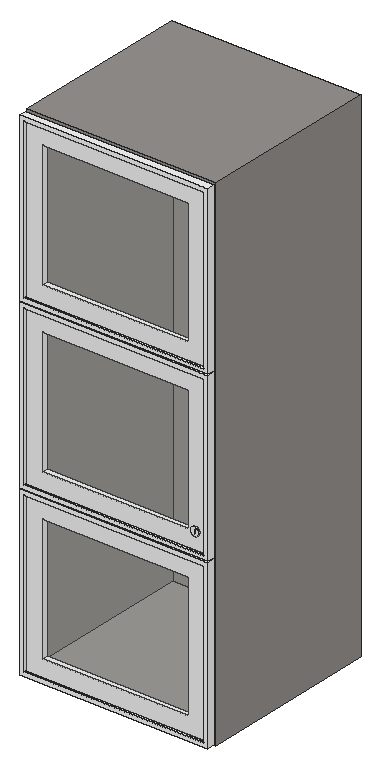
Revit family "Storage-Mounted-Teknion-BCLG_Cubic-with_Glass_Doors-Low_Secondary-R2015", category Furniture, Revit 2015
Parameters (values of type "18"d x 18"w x 66"h")
  Warranty = "http://www.teknion.com/ca/papers/legal-canada"
  Wardrobe Cut Hole Depth [instance] = if(Wardrobe, 19.348", 1.000")  # 19.348"
  Wardrobe [instance] = not(or([Semi-Opened], Individual Doors))  # yes
  Unit Weight URL = "http://www.teknion.com/ca/tools/assets#&asset=bee6a381-b954-425e-8283-5a2de3a804f2,f828d448-4b62-4231-9e5f-9a8991c0ed77"
  URL = "www.teknion.com"
  Top of Cabinet Offset [instance] = if([Semi-Opened], 0.059", 0.409")  # 0.409"
  Third Visibility [instance] = or(Individual Doors)  # no
  Sustainability Data = "http://www.teknion.com/ca/tools/assets#&topic=216f99a5-57a0-44fc-b10a-9dee9b29ae4c&asset=444deb64-fe58-4b68-981e-f75e97781df7"
  Shelf Vertical Offset [instance] = if(Height = 66.000", 15.756", 17.836")  # 15.756"
  Series = "Expansion Casegoods"  # constant formula
  Semi-Opened [instance] = not(Fully Enclosed)  # no
  Second Lock Visibility [instance] = if(and(Wardrobe, Fully Enclosed), 1 < 2, if(and(Individual Doors, Fully Enclosed), 1 < 2, 1 > 2))  # yes
  Second Drawer Visibility [instance] = if(and(Wardrobe, Fully Enclosed), 1 < 2, if(and(Individual Doors, Fully Enclosed), 1 < 2, 1 > 2))  # yes
  Second Drawer Cut Hole Depth [instance] = if([Semi-Opened], 19.348", 0.500")  # 0.500"
  Product Page URL = "http://www.teknion.com/ca/products/product-details?productlineid=0053336e-8e7a-673b-a6c8-ff00004460c4"
  Product Line = "Expansion Casegoods"  # constant formula
  Product Documentation Link = "http://www.teknion.com/pricing/expansion-casegoods/pdfs/BCLG_ppg.pdf"
  Part Number = "BCLG"  # constant formula
  Note [instance] = "When Semi-Opened configuration style is specified, the Wardrobe storage style is not available."  # constant formula
  Model = "BCLG__181866_"
  Manufacturer Phone = "416-661-3370"  # constant formula
  Manufacturer Fax = "416.661.4586"  # constant formula
  Manufacturer Contact Information = "http://www.teknion.com/ca/contactus"
  Manufacturer Address = "1150 Flint Road, Toronto, ON. M3J 2J5. Canada"  # constant formula
  Manufacturer = "Teknion"  # constant formula
  Individual Doors Cut Hole Depth [instance] = if(Individual Doors, 19.348", 1.000")  # 1.000"
  Individual Doors [instance] = no
  Height = 66.000"
  Fully Enclosed [instance] = yes
  Frame Finish [instance] = Mica - Teknion - V - Satin - Very White
  First Lock Visibility [instance] = or(Individual Doors)  # no
  Door Finish [instance] = Back-painted Glass - K7 - Teknion - Very White
  Description = "Cubic Tower with Glass Doors – Low Secondary Desk Mounted, 18\"d x 18\"w x 66\"h"
  Case Finish [instance] = Source Laminate - Teknion - DE - Latte
  Cabinet Height Offset [instance] = if([Semi-Opened], 0.642", 0.291")  # 0.291"
  Assembly Code = "E2020200"
  Actual Height = if(Height = 66.000", 65.339", 71.579")  # 65.339"
Types (3): name | Wardrobe Cut Hole Depth | Wardrobe | Third Visibility | Shelf Vertical Offset | Model | Individual Doors Cut Hole Depth | Individual Doors | Height | First Lock Visibility | Description | Actual Height
  (no name) | 19.348" | yes | no | 15.756" | "BCLG__181866_" | 1.000" | no | 66.000" | no | "Cubic Tower with Glass Doors – Low Secondary Desk Mounted, 18\"d x 18\"w x 66\"h" | 65.339"
  18"d x 18"w x 66"h | 19.348" | yes | no | 15.756" | "BCLG__181866_" | 1.000" | no | 66.000" | no | "Cubic Tower with Glass Doors – Low Secondary Desk Mounted, 18\"d x 18\"w x 66\"h" | 65.339"
  18"d x 18"w x 72"h | 1.000" | no | yes | 17.836" | "BCLG__181872_" | 19.348" | yes | 72.000" | yes | "Cubic Tower with Glass Doors – Low Secondary Desk Mounted,18\"d x 18\"w x 72\"h" | 71.579"
Reference planes (in)
  plane 1 "Center Front/Back": y = 0
  plane 2: z = 0
  plane 3 "Center Left/Right": x = 0
  plane 4 "Left": x = -8.955
  plane 5 "Right": x = 8.955
  plane 6 "Back": y = 8.58071
  plane 7 "Front": y = -8.58071
  plane 8 "Top": z = 65.339
  plane 9: y = -8.7185
  plane 10: y = -9.41929
  plane 11: z = 49.4646
  plane 12: z = 49.34662
  plane 13: z = 33.59062
  plane 14: z = 33.47251
  plane 15: z = 17.71651
  plane 16: z = 65.22089
  plane 17: x = -8.254
  plane 18: x = 8.254
  plane 19: y = 7.87971
  plane 20: z = 17.5984
  plane 21: y = -11.4685
  plane 22: y = -9.18307
  plane 23: y = -9.30118
Forms (in)
  Extrusion 1, solid, material "Source Laminate - Teknion - DE - Latte" <- "Case Finish"
    sketch origin (0, 0, 0) x (1, 0, 0) y (0, 1, 0)
      loop
        line (-8.955, 8.58071) -> (-8.955, -8.58071) -> (8.955, -8.58071) -> (8.955, 8.58071) -> (-8.955, 8.58071)
    from 17.5984 to 65.339
  Extrusion 2, solid, material "Mica - Teknion - V - Satin - Very White" <- "Frame Finish"
    sketch origin (-8.955, -8.7185, 48) x (-1, 0, 0) y (0, 0, 1)
      loop
        line (-0.05906, 17.22089) -> (-17.85094, 17.22089) -> (-17.85094, 1.4646) -> (-0.05906, 1.4646) -> (-0.05906, 17.22089)
      loop
        line (-17.47693, 16.84643) -> (-17.47693, 1.83856) -> (-0.43307, 1.83856) -> (-0.43307, 16.84643) -> (-17.47693, 16.84643)
    from 0 to -0.70079
  Extrusion 3, solid, material "Mica - Teknion - V - Satin - Very White", visible <- "First Lock Visibility"
    sketch origin (-8.955, -9.41929, 48) x (-1, 0, 0) y (0, 0, 1)
      loop
        line (-16.62063, 3.69968) -> (-16.62063, 3.32567) -> (-16.5222, 3.32567) -> (-16.5222, 3.69968) -> (-16.62063, 3.69968)
      loop
        circle (-16.57142, 3.51268) r 0.40008
    from 0.11811 to 0.05906
  Extrusion 4, solid, material "Mica - Teknion - V - Satin - Very White", visible <- "Second Lock Visibility"
    sketch origin (-8.955, -9.41929, 32.10272) x (-1, 0, 0) y (0, 0, 1)
      loop
        line (-16.62063, 3.72298) -> (-16.62063, 3.34897) -> (-16.5222, 3.34897) -> (-16.5222, 3.72298) -> (-16.62063, 3.72298)
      loop
        circle (-16.57142, 3.53597) r 0.40008
    from 0.11811 to 0.05906
  Extrusion 5, solid, material "Mica - Teknion - V - Satin - Very White", visible <- "Third Visibility"
    sketch origin (-8.955, -9.41929, 25.88583) x (-1, 0, 0) y (0, 0, 1)
      loop
        line (-16.62063, 3.72251) -> (-16.62063, 3.34849) -> (-16.5222, 3.34849) -> (-16.5222, 3.72251) -> (-16.62063, 3.72251)
      loop
        circle (-16.57142, 3.5355) r 0.40008
    from 0.11811 to 0.05906
  Extrusion 6, solid, material "Mica - Teknion - V - Satin - Very White" <- "Frame Finish"
    sketch origin (-8.955, -9.41929, 48) x (-1, 0, 0) y (0, 0, 1)
      loop
        line (-17.47693, 16.84643) -> (-17.47693, 1.83856) -> (-0.43307, 1.83856) -> (-0.43307, 16.84643) -> (-17.47693, 16.84643)
      loop
        line (-15.88244, 15.25194) -> (-15.88244, 3.43305) -> (-2.02756, 3.43305) -> (-2.02756, 15.25194) -> (-15.88244, 15.25194)
    from 0.23622 to 0.70079
  Extrusion 7, solid, material "Back-painted Glass - K7 - Teknion - Very White" <- "Door Finish"
    sketch origin (-8.52193, -9.18307, 48) x (-1, 0, 0) y (0, 0, 1)
      loop
        line (0, 16.84643) -> (-17.04386, 16.84643) -> (-17.04386, 1.83856) -> (0, 1.83856) -> (0, 16.84643)
    from 0 to -0.11811
  Extrusion 8, solid, material "Mica - Teknion - V - Satin - Very White" <- "Frame Finish", visible <- "Second Drawer Visibility"
    sketch origin (-8.955, -8.7185, 32.12573) x (-1, 0, 0) y (0, 0, 1)
      loop
        line (-0.05906, 17.22089) -> (-17.85094, 17.22089) -> (-17.85094, 1.46489) -> (-0.05906, 1.46489) -> (-0.05906, 17.22089)
      loop
        line (-17.47693, 16.84643) -> (-17.47693, 1.83856) -> (-0.43307, 1.83856) -> (-0.43307, 16.84643) -> (-17.47693, 16.84643)
    from 0 to -0.70079
  Extrusion 9, solid, material "Mica - Teknion - V - Satin - Very White" <- "Frame Finish", visible <- "Second Drawer Visibility"
    sketch origin (-8.955, -9.41929, 32.12573) x (-1, 0, 0) y (0, 0, 1)
      loop
        line (-17.47693, 16.84643) -> (-17.47693, 1.83856) -> (-0.43307, 1.83856) -> (-0.43307, 16.84643) -> (-17.47693, 16.84643)
      loop
        line (-15.88244, 15.25194) -> (-15.88244, 3.43305) -> (-2.02756, 3.43305) -> (-2.02756, 15.25194) -> (-15.88244, 15.25194)
    from 0.23622 to 0.70079
  Extrusion 10, solid, material "Back-painted Glass - K7 - Teknion - Very White" <- "Door Finish", visible <- "Second Drawer Visibility"
    sketch origin (-8.52193, -9.18307, 32.12573) x (-1, 0, 0) y (0, 0, 1)
      loop
        line (0, 16.84643) -> (-17.04386, 16.84643) -> (-17.04386, 1.83856) -> (0, 1.83856) -> (0, 16.84643)
    from 0 to -0.11811
  Extrusion 11, solid, material "Mica - Teknion - V - Satin - Very White" <- "Frame Finish"
    sketch origin (-8.955, -8.7185, 16.25162) x (-1, 0, 0) y (0, 0, 1)
      loop
        line (-0.05906, 17.22089) -> (-17.85094, 17.22089) -> (-17.85094, 1.46489) -> (-0.05906, 1.46489) -> (-0.05906, 17.22089)
      loop
        line (-17.47693, 16.84643) -> (-17.47693, 1.83856) -> (-0.43307, 1.83856) -> (-0.43307, 16.84643) -> (-17.47693, 16.84643)
    from 0 to -0.70079
  Extrusion 12, solid, material "Mica - Teknion - V - Satin - Very White" <- "Frame Finish"
    sketch origin (-8.955, -9.41929, 16.25162) x (-1, 0, 0) y (0, 0, 1)
      loop
        line (-17.47693, 16.84643) -> (-17.47693, 1.83856) -> (-0.43307, 1.83856) -> (-0.43307, 16.84643) -> (-17.47693, 16.84643)
      loop
        line (-15.88244, 15.25194) -> (-15.88244, 3.43305) -> (-2.02756, 3.43305) -> (-2.02756, 15.25194) -> (-15.88244, 15.25194)
    from 0.23622 to 0.70079
  Extrusion 13, solid, material "Back-painted Glass - K7 - Teknion - Very White" <- "Door Finish"
    sketch origin (-8.52193, -9.18307, 16.25162) x (-1, 0, 0) y (0, 0, 1)
      loop
        line (0, 16.84643) -> (-17.04386, 16.84643) -> (-17.04386, 1.83856) -> (0, 1.83856) -> (0, 16.84643)
    from 0 to -0.11811
  Extrusion 14, void
    sketch origin (-64.19161, -8.58071, 48) x (1, 0, 0) y (0, 0, -1)
      loop
        line (55.93739, -16.63793) -> (72.44582, -16.63793) -> (72.44582, -1.7556) -> (55.93739, -1.7556) -> (55.93739, -16.63793)
    from -2.8878 to -1.8878
  Extrusion 15, void
    sketch origin (-64.19161, -8.58071, 48) x (1, 0, 0) y (0, 0, -1)
      loop
        line (55.93761, -1.0556) -> (72.44561, -1.0556) -> (72.44561, 14.11849) -> (55.93761, 14.11849) -> (55.93761, -1.0556)
    from -2.8878 to -1.8878
  Extrusion 16, void
    sketch origin (-64.19161, -8.58071, 48) x (1, 0, 0) y (0, 0, -1)
      loop
        line (55.93761, 14.81849) -> (72.44561, 14.81849) -> (72.44561, 29.70081) -> (55.93761, 29.70081) -> (55.93761, 14.81849)
    from -2.8878 to -1.8878
  Extrusion 17, void
    sketch origin (0, 0, 0) x (1, 0, 0) y (0, 1, 0)
      loop
        line (8.254, 7.8795) -> (-8.254, 7.8795) -> (-8.254, -11.4685) -> (8.254, -11.4685) -> (8.254, 7.8795)
    from 18.29919 to 64.63793
Cuts and joins
  Extrusion 14, Extrusion 15, Extrusion 16, Extrusion 17 cuts Extrusion 1
Lines and regions (in)
  Masking region 1, detail levels medium+fine
    outline origin (0, 0, 0) x (1, 0, 0) y (0, 1, 0)
      loop
        line (7.21649, -9.36024) -> (8.01649, -9.36024) -> (8.01649, -9.30118) -> (7.21649, -9.30118) -> (7.21649, -9.36024)
  Masking region 2
    outline origin (0, 0, 0) x (1, 0, 0) y (0, 1, 0)
      loop
        line (-8.955, 8.58071) -> (-8.955, -9.41929) -> (8.955, -9.41929) -> (8.955, 8.58071) -> (-8.955, 8.58071)
  symbolic lines, detail levels medium+fine
    curve 1: line (-8.955, -8.58071, 0) -> (8.955, -8.58071, 0)
  symbolic lines, style "FurnitureHiddenLines", detail levels medium+fine
    curve 2: line (-8.254, 8.58071, 0) -> (-8.254, 7.87971, 0)
    curve 3: line (8.254, 7.87971, 0) -> (-8.254, 7.87971, 0)
    curve 4: line (8.254, 8.58071, 0) -> (8.254, 7.87971, 0)
    curve 5: line (-8.254, 7.87971, 0) -> (-8.254, -8.58071, 0)
    curve 7: line (-8.52193, -9.41929, 0) -> (-8.52193, -8.7185, 0)
    curve 8: line (8.52193, -9.18307, 0) -> (-8.52193, -9.18307, 0)
    curve 9: line (-8.52193, -9.30118, 0) -> (8.52193, -9.30118, 0)
    curve 12: line (8.52193, -8.7185, 0) -> (8.52193, -9.41929, 0)
    curve 13: line (8.25421, -8.58071, 0) -> (8.25421, 7.8795, 0)
  symbolic lines
    curve 6: line (-8.955, -8.7185, 0) -> (8.955, -8.7185, 0)
  symbolic lines, style "FurnitureHiddenLines", detail levels fine
    curve 10: line (-6.92744, -9.18307, 0) -> (-6.92744, -8.7185, 0)
    curve 11: line (6.92744, -8.7185, 0) -> (6.92744, -9.18307, 0)
  symbolic lines, style "FurnitureHiddenLines", visible <- "Individual Doors"
    curve 14: line (8.52193, -8.58071, 64.84643) -> (-8.52193, -8.58071, 57.34249)
    curve 15: line (8.52193, -8.58071, 49.83856) -> (-8.52193, -8.58071, 57.34249)
    curve 18: line (8.52193, -8.58071, 33.09805) -> (-8.52193, -8.58071, 25.59411)
    curve 19: line (-8.52193, -8.58071, 25.59411) -> (8.52193, -8.58071, 18.09018)
  symbolic lines, style "FurnitureHiddenLines", visible <- "Fully Enclosed"
    curve 16: line (8.52193, -8.58071, 33.96429) -> (-8.52193, -8.58071, 41.46823)
    curve 17: line (8.52193, -8.58071, 48.97216) -> (-8.52193, -8.58071, 41.46823)
Dimensions and locks (in)
  locked: plane 4 "Left" to plane 5 "Right" at 17.91
  locked: plane 6 "Back" to plane 7 "Front" at 17.16142
  "Actual Height": plane 8 "Top" to level
  equal spacing: plane 4 "Left", plane 3 "Center Left/Right", plane 5 "Right"
  equal spacing: plane 7 "Front", plane 1 "Center Front/Back", plane 6 "Back"
  locked: plane 9 to plane 10 at 0.70079
  locked: plane 7 "Front" to plane 9 at 0.1378
  "Shelf Vertical Offset": plane 14 to plane 15
  "Shelf Vertical Offset": plane 12 to plane 13
  locked: plane 8 "Top" to plane 16 at 0.11811
  locked: plane 13 to plane 14 at 0.11811
  locked: plane 17 to plane 4 "Left" at 0.701
  locked: plane 18 to plane 5 "Right" at 0.701
  locked: plane 19 to plane 6 "Back" at 0.701
  locked: Extrusion 3 sketch curve to Extrusion 2 at 1.67412
  locked: Extrusion 3 sketch curve to plane 5 "Right" at 1.33858
  Extrusion 3 sketch curve to Extrusion 3 sketch curve to Extrusion 2 = 0.37402" locked, 1.48711" locked
  Extrusion 3 sketch curve to Extrusion 3 sketch curve to plane 5 "Right" = 0.09843" locked, 1.28937" locked
  locked: plane 10 to Extrusion 3 at 0.05906
  Extrusion 4 sketch curve to Extrusion 4 sketch curve to Extrusion 8 = 0.37402" locked, 1.4874" locked
  Extrusion 4 sketch curve to Extrusion 4 sketch curve to plane 5 "Right" = 0.09843" locked, 1.28937" locked
  Extrusion 11 to Extrusion 5 sketch curve to Extrusion 5 sketch curve = 3.48971" locked, 0.37402" locked
  Extrusion 5 sketch curve to Extrusion 5 sketch curve to plane 5 "Right" = 0.09843" locked, 1.28937" locked
  locked: Extrusion 4 sketch curve to plane 5 "Right" at 1.33858
  locked: Extrusion 5 sketch curve to plane 5 "Right" at 1.33858
  Masking region 1 sketch curve to Masking region 1 sketch curve to plane 5 "Right" = 0.800" locked, 0.93851" locked
  locked: plane 20 to plane 2 at 17.5984
  locked: plane 15 to plane 20 at 0.11811
  Extrusion 2 sketch curve to Extrusion 2 sketch curve to plane 4 "Left" = 0.37402" locked, 0.05906" locked
  Extrusion 2 sketch curve to Extrusion 2 sketch curve to plane 5 "Right" = 0.37402" locked, 0.05906" locked
  locked: plane 11 to plane 12 at 0.11798
  locked: plane 10 to plane 21 at 2.04921
  locked: Extrusion 2 sketch curve to plane 11 at 0.37395
  locked: Extrusion 6 sketch curve to Extrusion 6 sketch curve at 1.59449
  locked: Extrusion 6 sketch curve to Extrusion 2 at 1.59449  (x3)
  locked: plane 9 to plane 22 at 0.46457
  locked: plane 22 to plane 23 at 0.11811
  Extrusion 8 sketch curve to Extrusion 8 sketch curve to plane 4 "Left" = 0.37402" locked, 0.05906" locked
  locked: Extrusion 8 sketch curve to plane 5 "Right" at 0.43307
  locked: Extrusion 8 sketch curve to Extrusion 8 sketch curve at 0.37446
  locked: Extrusion 9 sketch curve to Extrusion 9 sketch curve at 1.59449
  locked: Extrusion 9 sketch curve to Extrusion 8 at 1.59449  (x3)
  Extrusion 11 sketch curve to Extrusion 11 sketch curve to plane 4 "Left" = 0.37402" locked, 0.05906" locked
  Extrusion 11 sketch curve to Extrusion 11 sketch curve to plane 5 "Right" = 0.37402" locked, 0.05906" locked
  locked: Extrusion 11 sketch curve to Extrusion 11 sketch curve at 0.37446
  locked: Extrusion 12 sketch curve to Extrusion 12 sketch curve at 1.59449
  locked: Extrusion 12 sketch curve to Extrusion 11 at 1.59449  (x3)
  locked: Extrusion 8 sketch curve to plane 13 at 0.37367
  locked: Extrusion 11 sketch curve to plane 15 at 0.37367
  "Cabinet Height Offset": Extrusion 14 sketch curve to plane 11
  locked: plane 16 to Extrusion 14 sketch curve at 0.58296
  locked: Extrusion 14 sketch curve to plane 5 "Right" at 0.70079
  locked: Extrusion 14 sketch curve to plane 4 "Left" at 0.70079
  "Cabinet Height Offset": plane 14 to Extrusion 16 sketch curve
  locked: Extrusion 16 sketch curve to plane 20 at 0.70079
  "Individual Doors Cut Hole Depth": Extrusion 14 to plane 21
  "Individual Doors Cut Hole Depth": Extrusion 15 to plane 21
  "Individual Doors Cut Hole Depth": Extrusion 16 to plane 21
  locked: plane 16 to Extrusion 17 at 0.58296
  locked: plane 5 "Right" to Extrusion 17 at 0.701
  locked: Extrusion 17 to plane 4 "Left" at 0.701
  locked: Extrusion 17 to plane 20 at 0.70079
  "Wardrobe Cut Hole Depth": Extrusion 17 to plane 21
  "Top of Cabinet Offset": Extrusion 15 sketch curve to plane 14
  "Top of Cabinet Offset": plane 11 to Extrusion 15 sketch curve
  locked: plane 23 to Extrusion 3 at 0.05906
  locked: plane 23 to Extrusion 4 at 0.05906
  locked: plane 23 to Extrusion 5 at 0.05906
  locked: Extrusion 4 sketch curve to Extrusion 8 at 1.6744
  locked: Extrusion 11 to Extrusion 5 sketch curve at 3.67672
  locked: Extrusion 8 sketch curve to Extrusion 8 sketch curve at 0.37402
  equal spacing: Extrusion 2, curve 15, Extrusion 2
  equal spacing: Extrusion 8, curve 17, Extrusion 8
  equal spacing: Extrusion 11, curve 19, Extrusion 11
  aligned and locked: level to plane 2
  aligned and locked: Extrusion 1 sketch curve to plane 4 "Left"
  aligned and locked: Extrusion 1 sketch curve to plane 6 "Back"
  aligned and locked: Extrusion 1 sketch curve to plane 5 "Right"
  aligned and locked: Extrusion 1 sketch curve to plane 7 "Front"
  aligned and locked: plane 8 "Top" to Extrusion 1
  aligned and locked: plane 11 to Extrusion 2 sketch curve
  aligned and locked: Extrusion 2 to plane 10
  aligned and locked: plane 9 to Extrusion 2
  aligned and locked: Extrusion 2 to plane 9
  aligned and locked: Masking region 2 sketch curve to plane 6 "Back"
  aligned and locked: Masking region 2 sketch curve to plane 4 "Left"
  aligned and locked: Masking region 2 sketch curve to plane 5 "Right"
  aligned and locked: Masking region 2 sketch curve to plane 10
  aligned and locked: Extrusion 1 to plane 20
  aligned and locked: curve 2 to plane 17
  aligned and locked: curve 3 to plane 19
  aligned and locked: curve 4 to plane 18
  aligned and locked: curve 1 to plane 7 "Front"
  aligned and locked: plane 9 to Extrusion 6
  aligned and locked: Extrusion 6 to plane 22
  aligned and locked: Extrusion 7 to plane 23
  aligned and locked: plane 22 to Extrusion 7
  aligned and locked: Extrusion 9 sketch curve to Extrusion 8  (x4)
  aligned and locked: Extrusion 10 sketch curve to Extrusion 8  (x4)
  aligned and locked: Extrusion 12 sketch curve to Extrusion 11  (x4)
  aligned and locked: Extrusion 13 sketch curve to Extrusion 11  (x4)
  aligned and locked: plane 12 to Extrusion 8 sketch curve
  aligned and locked: Extrusion 8 sketch curve to plane 13
  aligned and locked: plane 14 to Extrusion 11 sketch curve
  aligned and locked: Extrusion 11 sketch curve to plane 15
  aligned and locked: plane 18 to Extrusion 15 sketch curve
  aligned and locked: plane 17 to Extrusion 15 sketch curve
  aligned and locked: plane 17 to Extrusion 16 sketch curve
  aligned and locked: plane 18 to Extrusion 16 sketch curve
  aligned and locked: Extrusion 14 to plane 21
  aligned and locked: Extrusion 15 to plane 21
  aligned and locked: Extrusion 16 to plane 21
  aligned and locked: plane 21 to Extrusion 14  (x2)
  aligned and locked: Extrusion 17 sketch curve to plane 17
  aligned and locked: plane 18 to Extrusion 17 sketch curve
  aligned and locked: Extrusion 17 sketch curve to plane 21
  aligned and locked: curve 6 to plane 9
  aligned and locked: curve 8 to Extrusion 7
  aligned and locked: curve 9 to Extrusion 7
  aligned and locked: curve 10 to Extrusion 6
  aligned and locked: curve 11 to Extrusion 6
  aligned and locked: plane 23 to Extrusion 3
  aligned and locked: Masking region 1 sketch curve to plane 23
  aligned and locked: Extrusion 3 to Masking region 1 sketch curve
  aligned and locked: plane 23 to Extrusion 4
  aligned and locked: plane 23 to Extrusion 5
  aligned and locked: cut or joined group of Extrusion 1, Extrusion 14, Extrusion 15, Extrusion 16, Extrusion 17 to curve 13
  aligned and locked: Extrusion 6 sketch curve to Extrusion 2
  aligned and locked: plane 16 to Extrusion 2 sketch curve
  aligned and locked: plane 9 to Extrusion 12
  aligned and locked: plane 22 to Extrusion 13
  aligned and locked: Extrusion 12 to plane 22
  aligned and locked: plane 9 to Extrusion 9
  aligned and locked: Extrusion 9 to plane 22
  aligned and locked: Extrusion 8 to plane 10
  aligned and locked: plane 9 to Extrusion 8
  aligned and locked: plane 9 to Extrusion 11
  aligned and locked: Extrusion 11 to plane 10
  aligned and locked: Extrusion 13 to plane 23
  aligned and locked: plane 22 to Extrusion 10
  aligned and locked: Extrusion 10 to plane 23
  aligned and locked: nested 1 to plane 3 "Center Left/Right"
  aligned and locked: nested 1 to plane 10
  aligned and locked: curve 14 to Extrusion 2
  aligned and locked: Extrusion 2 to curve 14  (x2)
  aligned and locked: Extrusion 2 to curve 15
  aligned and locked: curve 15 to Extrusion 2
  aligned and locked: Extrusion 8 to curve 16
  aligned and locked: curve 16 to Extrusion 8
  aligned and locked: Extrusion 8 to curve 17  (x2)
  aligned and locked: curve 17 to Extrusion 8
  aligned and locked: curve 18 to Extrusion 11
  aligned and locked: Extrusion 11 to curve 18
  aligned and locked: Extrusion 11 to curve 19  (x2)
  aligned and locked: curve 19 to Extrusion 11
Automatic sketch dimensions
  curve 6 to plane 4 "Left" = 0.000"
  curve 1 to plane 4 "Left" = 0.000"
  curve 7 to plane 10 = 0.000"
  curve 12 to plane 10 = 0.000"
  curve 1 to plane 5 "Right" = 0.000"
  curve 6 to plane 5 "Right" = 0.000"
  curve 2 to plane 6 "Back" = 0.000"
  curve 4 to plane 6 "Back" = 0.000"
  curve 7 to plane 17 = 0.26793"
  curve 8 to plane 18 = 0.26793"
  plane 19 to curve 13 = 0.00021"
  Extrusion 2 sketch curve to plane 16 = 0.37446"
  Extrusion 6 sketch curve to plane 18 = 0.26793"
  Extrusion 6 sketch curve to plane 17 = 0.26793"
  Extrusion 6 sketch curve to plane 16 = 1.96895"
  Extrusion 7 sketch curve to plane 18 = 0.26793"
  Extrusion 7 sketch curve to plane 17 = 0.26793"
  Extrusion 7 sketch curve to plane 11 = 0.37395"
  Extrusion 7 sketch curve to plane 16 = 0.37446"
  Extrusion 17 sketch curve to Extrusion 17 sketch curve = 19.348"
  radius of Extrusion 3 sketch curve = 0.40008"
  radius of Extrusion 4 sketch curve = 0.40008"
  radius of Extrusion 5 sketch curve = 0.40008"
Nested families (in)
  nested 1: "Door-Swing_Symbol-Teknion-2D" at (0, -9.41929, 66.075) x (-1, 0, 0) z (0, 0, 1), type "Door-Swing_Symbol-Teknion-2D", detail levels fine
    with Swing Width 17.910"
Definition of nested family "Door-Swing_Symbol-Teknion-2D"
  Parameters (values of type "Door-Swing_Symbol-Teknion-2D")
    Swing Width [instance] = 13.4325"
  Reference planes (in)
    plane 1 "Center (Front/Back)": y = 0
    plane 2: z = 0
    plane 3 "Center (Left/Right)": x = 0
    plane 4: x = -6.71625
    plane 5: x = 6.71625
  Lines and regions (in)
    detail lines, in view "Ref. Level"
      curve 1: line (6.71625, 0, 0) -> (6.71625, -13.4325, 0)
      curve 2: arc (-6.71625, 0, 0) -> (-2.78196, -9.49821, 0) -> (6.71625, -13.4325, 0) r 13.4325
  Dimensions and locks (in)
    equal spacing: plane 4, plane 3 "Center (Left/Right)", plane 5
    "Swing Width": plane 4 to plane 5
    "Swing Width": curve 1 to plane 1 "Center (Front/Back)"
    "Swing Width": radius of curve 2
    aligned and locked: plane 1 "Center (Front/Back)" to curve 1
  Automatic sketch dimensions
    curve 2 to plane 4 = 0.000"
